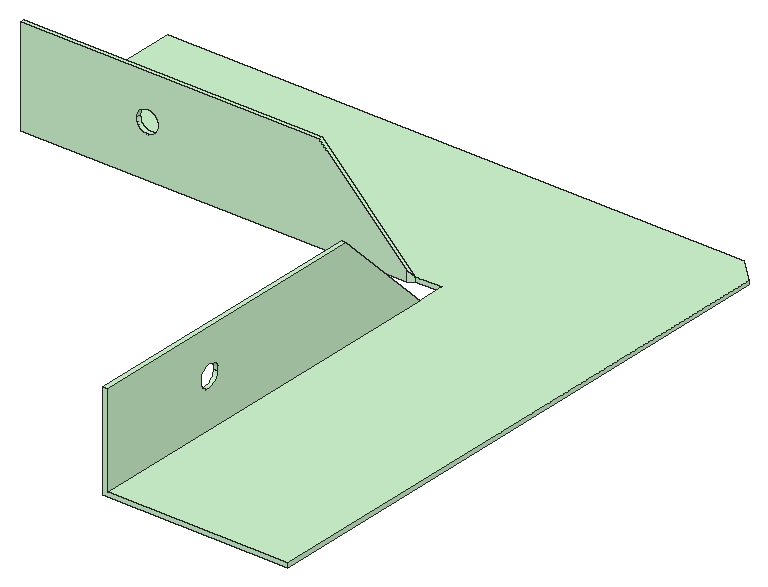
Revit family "35lbarj_el3020_out", category 機械設備, Revit 2022
Family settings
  丸型コネクタ寸法 = 直径を使用
  種別 = なし
  パーツ タイプ = 標準
  作業面ベース = いいえ
  常に垂直 = はい
  ロード時にボイドで切り取り = いいえ
  注釈の向きを維持 = いいえ
  共有 = いいえ
  部屋計算ポイント = いいえ
Parameters
  製造元 = "株式会社桐井製作所"
  既定の高さ = 0 mm
  URL = "https://www.kirii.co.jp/"
  K_材質 = "溶融亜鉛めっき鋼板及び鋼帯 SGCC 一般用"
  K_品名 = "35Lバー出隅J-eL3520(ビス)"
  K_名称 = "Lバージョイント"
  K_入数 = "200"
  K_備考 = "対象Lバー:eL3520(35面)"
  K_バージョン情報 = "20220915"
  K_めっき付着量 = "Z12"
  K_JIS規格 = "JIS G 3302"
Reference planes
  plane 1 "中心(正面/背面)": y = 0
  plane 2: z = 0
  plane 3 "中心(左/右)": x = 0
Forms (mm)
  Extrusion 1, solid
    sketch origin (-73.296, 0, 0) x (0, 1, 0) y (0, 0, 1)
      loop
        line (-0.8, 0) -> (0, 0) -> (0, 17.5) -> (-0.8, 17.5) -> (-0.8, 0)
    from -2.121 to 73.379
  Extrusion 2, solid
    sketch origin (-73.296, 0, 0) x (0, 1, 0) y (0, 0, 1)
      loop
        line (32.5, 0.8) -> (0, 0.8) -> (0, 0) -> (32.5, 0) -> (32.5, 0.8)
    from -2.121 to 105.879
  Extrusion 3, solid
    sketch origin (32.582, 0, 0) x (1, 0, 0) y (0, 0, 1)
      loop
        line (-33.3, 0) -> (0, 0) -> (0, 0.8) -> (-32.5, 0.8) -> (-32.5, 17.5) -> (-33.3, 17.5) -> (-33.3, 0)
    from 0 to 75.5
  Extrusion 4, void
    sketch origin (32.582, 0, 0) x (0, 1, 0) y (0, 0, 1)
      loop
        line (-21.65, 17.5) -> (-4.15, 0) -> (0, 0) -> (0, 17.5) -> (-21.65, 17.5)
    from -33.3 to -32.5
  Extrusion 5, void
    sketch origin (32.582, 0, 0) x (1, 0, 0) y (0, 0, 1)
      loop
        line (-32.5, 17.5) -> (-54.15, 17.5) -> (-36.65, 0) -> (-32.5, 0) -> (-32.5, 17.5)
    from 0 to 0.8
  Extrusion 6, void
    sketch origin (32.582, 0, 0) x (1, 0, 0) y (0, 1, 0)
      loop
        line (-29.345, -1.795) -> (-34.295, 3.155) -> (-38.25, -0.8) -> (-33.3, -5.75) -> (-29.345, -1.795)
    from 0 to 1.712
  Extrusion 7, void
    sketch origin (32.582, 0, 0) x (1, 0, 0) y (0, 1, 0)
      loop
        line (0, 32.5) -> (-3.986, 32.5) -> (0, 28.514) -> (0, 32.5)
    from 0 to 0.8
  Extrusion 8, void
    sketch origin (32.582, 0, 0) x (0, 1, 0) y (0, 0, 1)
      loop
        circle (-52.5, 9.5) r 2
    from -33.3 to -32.5
  Extrusion 9, void
    sketch origin (32.582, 0, 0) x (1, 0, 0) y (0, 0, 1)
      loop
        circle (-85, 9.5) r 2
    from 0 to 0.8
Cuts and joins
  Extrusion 4, Extrusion 5, Extrusion 6, Extrusion 9 cuts Extrusion 1
  Extrusion 4, Extrusion 7 cuts Extrusion 2
  Extrusion 4, Extrusion 8 cuts Extrusion 3
  joined: Extrusion 1, Extrusion 2, Extrusion 3
Dimensions and locks
  aligned and locked: level to plane 2
